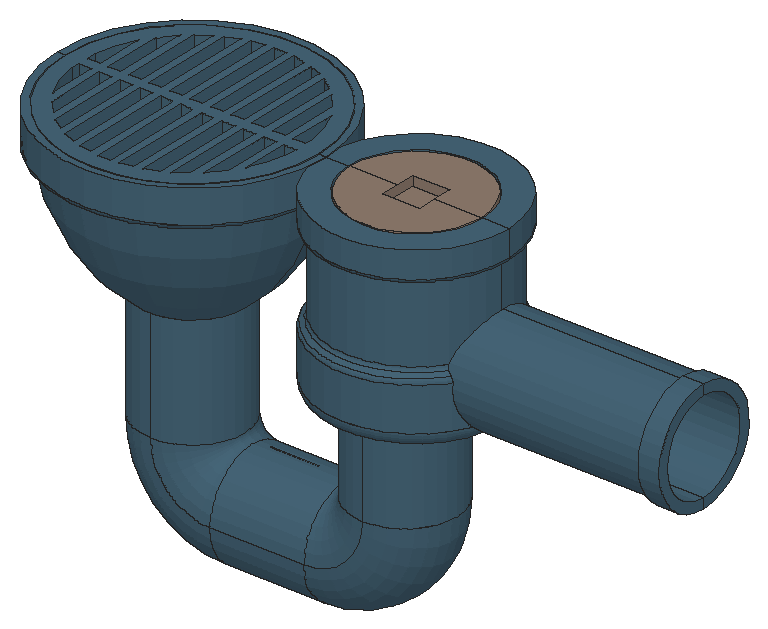
Revit family "Drain_Floor_9_Inch_Round_Top-Zurn-Z730-Medium-Duty", category Plumbing Fixtures, Revit 2022
Family settings
  Round Connector Dimension = Use Radius
  Part Type = Normal
  OmniClass Number = 23.45.55.21
  OmniClass Title = Drains (Wastes)
  Work Plane-Based = No
  Always vertical = Yes
  Cut with Voids When Loaded = No
  Maintain Annotation Orientation = No
  Shared = No
  Room Calculation Point = No
Parameters (values of type "Z730 3 Inch Spigot Outlet")
  ZN-Top = no
  ZN Top = 0.000"
  Waste Connection = 1 = 1  # yes
  WFU = 0  # constant formula
  Vent Connection = 1 = 0  # no
  URL = "www.zurn.com"
  Type Comments = ""
  Trap Primer = 1 = 1  # yes
  Plug Material = Bronze - Zurn - Polished
  NPT Radius = 2.250"
  Grate Open Area (Sq. In) = "23"
  Grate Material = Iron - Zurn - Cast - Painted - Blue
  Product data url = "https://www.bimobject.com/en-in/zurnindustries/product/zurn-z730"
  Product Page URL = "https://www.zurn.com/products/drainage-interceptors/floor-drains/integral-trap-drains/z730"
  Product Installation Sheet URL = "https://files.zurn.com/care-cleaning-install-warranty-sheets/fd23-(1).pdf"
  Product Documentation Link = "https://files.zurn.com/spec-sheets/z730.pdf"
  E_ Body Height (Actual) = E_ Body Height + ZN Top  # 13.000"
  Dim - T = 4.000"
  Dim - M (Actual) = [Dim - M] + ZN Top  # 4.250"
  Dim - M = 4.250"
  Dim - H = 7.500"
  Dim - G = 17.125"
  Dim - D = 3.125"
  Connector Radius = [A_ Pipe Size (Nominal)] / 2  # 1.500"
  Model = "Z730"
  Main Material = Iron - Zurn - Cast - Painted - Blue
  HWFU = 0  # constant formula
  HW Connection = 1 = 0  # no
  Description = "9 [229] TOP MEDIUM-DUTY DRAIN"  # constant formula
  CWFU = 0  # constant formula
  CW Connection = 1 = 0  # no
  Assembly Code = "D2030300"
  A_ Pipe Size (Nominal) = 3.000"
  A_ Pipe Size (Actual-Outer) = 3.500"
  A_ Pipe Size (Actual-Outer Radius) = [A_ Pipe Size (Actual-Outer)] / 2  # 1.750"
  A_ Pipe Size (Actual-Inner) = 3.068"
  Modified Date = "12/22/2025"  # constant formula
  Manufacurer Brand = "Zurn"  # constant formula
  Manufacturer = "Zurn Water, LLC"  # constant formula
  E_ Body Height = 13.000"
  Default Elevation = 4.000"  # constant formula
  Date Created = "08/20/2021"  # constant formula
  Approx. Weight (Lbs) = 54.000"
Types (4): name | ZN-Top | ZN Top | NPT Radius | Grate Material | E_ Body Height (Actual) | Dim - T | Dim - M (Actual) | Dim - M | Dim - G | Dim - D | Connector Radius | Model | A_ Pipe Size (Nominal) | A_ Pipe Size (Actual-Outer) | A_ Pipe Size (Actual-Outer Radius) | A_ Pipe Size (Actual-Inner) | E_ Body Height | Approx. Weight (Lbs)
  Z730 3 Inch Spigot Outlet | no | 0.000" | 2.250" | Iron - Zurn - Cast - Painted - Blue | 13.000" | 4.000" | 4.250" | 4.250" | 17.125" | 3.125" | 1.500" | "Z730" | 3.000" | 3.500" | 1.750" | 3.068" | 13.000" | 54.000"
  Z730 4 Inch Spigot Outlet | no | 0.000" | 2.750" | Iron - Zurn - Cast - Painted - Blue | 16.000" | 5.000" | 4.750" | 4.750" | 19.375" | 3.625" | 2.000" | "Z730" | 4.000" | 4.500" | 2.250" | 4.026" | 16.000" | 79.000"
  ZN730 3 Inch Spigot Outlet | yes | 0.188" | 2.250" | Bronze - Zurn - Polished Nickel | 13.188" | 4.000" | 4.438" | 4.250" | 17.125" | 3.125" | 1.500" | "ZN730" | 3.000" | 3.500" | 1.750" | 3.068" | 13.000" | 54.000"
  ZN730 4 Inch Spigot Outlet | yes | 0.188" | 2.750" | Bronze - Zurn - Polished Nickel | 16.188" | 5.000" | 4.938" | 4.750" | 19.375" | 3.625" | 2.000" | "ZN730" | 4.000" | 4.500" | 2.250" | 4.026" | 16.000" | 79.000"
Reference planes (in)
  plane 1 "Center (Front/Back)": y = 0
  plane 2 "P": z = -5.5
  plane 3 "Center (Left/Right)": x = 0
  plane 4: y = 1.75
  plane 5: y = -1.75
  plane 6: x = -4.5
  plane 7: x = -3.9375
  plane 8: x = -4.1875
  plane 9: x = -1.534
  plane 10: x = -1.75
  plane 11: z = -0.9875
  plane 12: z = -1.2375
  plane 13 "PP": z = -4.25
  plane 14: z = -2.716
  plane 15: z = -2.5
  plane 16: z = -5.784
  plane 17: z = -6
  plane 18: z = -11.25
  plane 19: x = 7.125
  plane 20: x = 5.591
  plane 21: x = 5.375
  plane 22: x = 7.5
  plane 23: x = 9.75
  plane 24: x = 10.125
  plane 25: x = 10.375
  plane 26: x = 10.625
  plane 27: z = 0
  plane 28: z = -0.75
  plane 29: z = -1
  plane 30: x = 17.125
  plane 31: z = 0.1875
  plane 32: z = -13
  plane 33: x = 1.534
  plane 34: x = 1.75
  plane 35: x = 8.659
  plane 36: x = 8.875
  plane 37: z = -0.3125
  plane 38: y = 1.75
  plane 39: y = -1.75
  plane 40: x = -4.25
  plane 41: x = 4.25
  plane 42: y = 4.25
  plane 43: y = -4.25
  plane 44: y = 1.95
  plane 45: y = -1.90504
Forms (in)
  Revolve 1, solid, material "Iron - Zurn - Cast - Painted - Blue" <- "Main Material", detail levels fine
    sketch origin (0, 0, 0) x (1, 0, 0) y (0, 0, 1)
      loop
        line (-4.5, 0) -> (-4.5, -1.1125)
        arc (-4.5, -1.1125) -> (-4.46339, -1.20089) -> (-4.375, -1.2375) r 0.125
        line (-4.375, -1.2375) -> (-4.1875, -1.2375)
        arc (-4.1875, -1.2375) -> (-3.41484, -3.62385) -> (-1.75, -5.5) r 6.12169
        line (-1.75, -5.5) -> (-1.534, -5.5)
        arc (-1.534, -5.5) -> (-3.25333, -3.51943) -> (-3.9375, -0.9875) r 5.86506
        line (-3.9375, -0.9875) -> (-4.25, -0.9875) -> (-4.25, 0) -> (-4.5, 0)
      axis (0, 0) -> (0, -5.5)
    angle from 0 to 360
  Revolve 2, solid, material "Iron - Zurn - Cast - Painted - Blue" <- "Main Material", detail levels fine
    sketch origin (0, 0, 0) x (1, 0, 0) y (0, 0, 1)
      loop
        line (9.75, 0) -> (9.75, -0.75) -> (10.125, -0.75) -> (10.125, -3.78827)
        arc (10.125, -3.78827) -> (10.14214, -3.87446) -> (10.19097, -3.94752) r 0.22522
        line (10.19097, -3.94752) -> (10.29125, -4.04781)
        arc (10.29125, -4.04781) -> (10.35323, -4.14057) -> (10.375, -4.25) r 0.28594
        line (10.375, -4.25) -> (10.375, -5.584)
        arc (10.375, -5.584) -> (10.31642, -5.72542) -> (10.175, -5.784) r 0.2
        line (10.175, -5.784) -> (8.5, -5.784) -> (8.5, -6) -> (10.125, -6)
        arc (10.125, -6) -> (10.47855, -5.85355) -> (10.625, -5.5) r 0.5
        line (10.625, -5.5) -> (10.625, -4.04632)
        arc (10.625, -4.04632) -> (10.6088, -3.96488) -> (10.56267, -3.89584) r 0.21282
        line (10.56267, -3.89584) -> (10.43381, -3.76698)
        arc (10.43381, -3.76698) -> (10.39028, -3.70184) -> (10.375, -3.625) r 0.20079
        line (10.375, -3.625) -> (10.375, -1) -> (10.5, -1)
        arc (10.5, -1) -> (10.58839, -0.96339) -> (10.625, -0.875) r 0.125
        line (10.625, -0.875) -> (10.625, 0) -> (9.75, 0)
      axis (7.5, 0) -> (7.5, -6)
    angle from 0 to 360
  Revolve 3, solid, material "Iron - Zurn - Cast - Painted - Blue" <- "Main Material", detail levels fine
    sketch origin (0, 0, 0) x (1, 0, 0) y (0, 0, 1)
      loop
        line (7.5, -2.716) -> (17.125, -2.716) -> (17.125, -2.375) -> (16.4375, -2.375) -> (16.4375, -2.4375)
        arc (16.4375, -2.4375) -> (16.41919, -2.48169) -> (16.375, -2.5) r 0.0625
        line (16.375, -2.5) -> (7.5, -2.5) -> (7.5, -2.716)
      axis (17.125, -4.25) -> (7.5, -4.25)
    angle from 0 to 360
  Revolve 4, solid, material "Bronze - Zurn - Polished" <- "Plug Material", detail levels fine
    sketch origin (0, 0, 0) x (1, 0, 0) y (0, 0, 1)
      loop
        line (7.5, 0) -> (7.5, -0.75) -> (9.6875, -0.75) -> (9.6875, 0) -> (7.5, 0)
      axis (7.5, 0) -> (7.5, -0.75)
    angle from 0 to 360
  Extrusion 5, solid, material "Iron - Zurn - Cast - Painted - Blue" <- "Grate Material", visible <- "ZN-Top", detail levels fine
    sketch origin (0, 0, 0) x (1, 0, 0) y (0, 1, 0)
      loop
        circle (7.5, 0) r 3.125
      loop
        circle (7.5, 0) r 2.25
    from 0.1875 to 0
  Extrusion 6, solid, material "Iron - Zurn - Cast - Painted - Blue" <- "Grate Material", visible <- "ZN-Top", detail levels fine
    sketch origin (0, 0, 0) x (1, 0, 0) y (0, 1, 0)
      loop
        arc (-2.534, 3.71872) -> (0, -4.5) -> (2.534, 3.71872) r 4.5
        arc (2.534, 3.71872) -> (0, 4.5) -> (-2.534, 3.71872) r 4.5
      loop
        circle (0, 0) r 4.25
    from 0 to 0.1875
  Sweep 7, solid, material "Iron - Zurn - Cast - Painted - Blue" <- "Main Material", detail levels fine
    path origin (0, 0, 0) x (1, 0, 0) y (0, 0, 1)
      loop
        line (0, -5.5) -> (0, -9.25)
        arc (0, -9.25) -> (0.58579, -10.66421) -> (2, -11.25) r 2
        line (2, -11.25) -> (5.125, -11.25)
        arc (5.125, -11.25) -> (6.53921, -10.66421) -> (7.125, -9.25) r 2
        line (7.125, -9.25) -> (7.125, -5.784)
    profile origin (0, 0, -7.375) x (0, -1, 0) y (1, 0, 0)
      loop
        circle (0, 0) r 1.534
      loop
        circle (0, 0) r 1.75
  Extrusion 8, void
    sketch origin (0, 0, 0) x (1, 0, 0) y (0, 1, 0)
      loop
        line (6.875, 0.625) -> (6.875, -0.625) -> (8.125, -0.625) -> (8.125, 0.625) -> (6.875, 0.625)
    from -0.3125 to 0.1875
Cuts and joins
  Extrusion 8 cuts Revolve 4
Lines and regions (in)
  Masking region 1, detail levels fine
    outline origin (0, 0, 0) x (1, 0, 0) y (0, 1, 0)
      loop
        line (17.125, 1.95) -> (9.94195, 1.95)
        arc (9.94195, 1.95) -> (7.5, 3.125) -> (5.05805, 1.95) r 3.125
        line (5.05805, 1.95) -> (4.05555, 1.95)
        arc (4.05555, 1.95) -> (-4.49993, -0.02488) -> (4.07686, -1.90504) r 4.5
        line (4.07686, -1.90504) -> (5.02282, -1.90504)
        arc (5.02282, -1.90504) -> (7.5, -3.125) -> (9.97718, -1.90504) r 3.125
        line (9.97718, -1.90504) -> (17.125, -1.90504) -> (17.125, 1.95)
  model lines, detail levels coarse+medium
    curve 1: circle (0, 0, 0) r 4.5 normal (0, 0, 1)
    curve 2: circle (0, 0, 0) r 4.25 normal (0, 0, 1)
    curve 3: circle (7.5, 0, 0) r 2.25 normal (0, 0, 1)
    curve 4: line (17.125, 0, -2.5) -> (17.125, 0, -6)
    curve 5: line (17.125, 0, -4.25) -> (7.125, 0, -4.25)
    curve 6: line (7.5, 0, 0) -> (7.5, 0, -4.25)
    curve 7: line (0, 0, 0) -> (0, 0, -11.25)
    curve 8: line (7.125, 0, -4.25) -> (7.125, 0, -11.25)
    curve 9: arc (0, 0, -11.25) -> (0.51256, 0, -12.48744) -> (1.75, 0, -13) r 1.75
    curve 10: arc (7.125, 0, -11.25) -> (6.61244, 0, -12.48744) -> (5.375, 0, -13) r 1.75
    curve 11: line (1.75, 0, -13) -> (5.375, 0, -13)
    curve 12: line (-3.4, 2.55, 0) -> (-3.4, -2.55, 0)
    curve 13: line (-2.55, 3.4, 0) -> (-2.55, -3.4, 0)
    curve 14: line (-1.7, -3.89519, 0) -> (-1.7, 3.89519, 0)
    curve 15: line (-0.85, 4.16413, 0) -> (-0.85, -4.16413, 0)
    curve 16: line (0, 4.25, 0) -> (0, -4.25, 0)
    curve 17: line (0.85, -4.16413, 0) -> (0.85, 4.16413, 0)
    curve 18: line (1.7, 3.89519, 0) -> (1.7, -3.89519, 0)
    curve 19: line (2.55, 3.4, 0) -> (2.55, -3.4, 0)
    curve 20: line (3.4, 2.55, 0) -> (3.4, -2.55, 0)
    curve 21: line (-2.55, 3.4, 0) -> (2.55, 3.4, 0)
    curve 22: line (3.4, 2.55, 0) -> (-3.4, 2.55, 0)
    curve 23: line (-3.89519, 1.7, 0) -> (3.89519, 1.7, 0)
    curve 24: line (-4.16413, 0.85, 0) -> (4.16413, 0.85, 0)
    curve 25: line (-4.25, 0, 0) -> (4.25, 0, 0)
    curve 26: line (-4.16413, -0.85, 0) -> (4.16413, -0.85, 0)
    curve 27: line (-3.89519, -1.7, 0) -> (3.89519, -1.7, 0)
    curve 28: line (-3.4, -2.55, 0) -> (3.4, -2.55, 0)
    curve 29: line (-2.55, -3.4, 0) -> (2.55, -3.4, 0)
    curve 30: line (17.125, 1.75, -4.25) -> (17.125, -1.75, -4.25)
    curve 31: arc (4.44896, 0.67585, 0) -> (10.625, 0, 0) -> (4.44896, -0.67585, 0) r 3.125
Dimensions and locks (in)
  level to plane 2 "P" = 5.500"
  "A_ Pipe Size (Actual-Outer)": plane 4 to plane 5
  equal spacing: plane 4, plane 1 "Center (Front/Back)", plane 5
  locked: plane 3 "Center (Left/Right)" to plane 6 at 4.5
  locked: plane 8 to plane 6 at 0.3125
  locked: plane 7 to plane 8 at 0.25
  locked: level to plane 2 "P" at 5.5
  "Dim - M (Actual)": level to plane 13 "PP"
  equal spacing: plane 14, plane 13 "PP", plane 16
  "A_ Pipe Size (Actual-Inner)": plane 14 to plane 16
  equal spacing: plane 15, plane 13 "PP", plane 17
  "A_ Pipe Size (Actual-Outer)": plane 15 to plane 17
  locked: plane 19 to plane 3 "Center (Left/Right)" at 7.125
  "Dim - H": plane 22 to plane 3 "Center (Left/Right)"
  "Dim - D": plane 26 to plane 22
  locked: plane 26 to plane 25 at 0.25
  locked: plane 25 to plane 24 at 0.25
  "NPT Radius": plane 23 to plane 22
  locked: Revolve 2 sketch curve to plane 13 "PP" at 0.625
  locked: Revolve 2 sketch curve to Revolve 2 sketch curve at 1
  locked: plane 27 to plane 28 at 0.75
  locked: plane 27 to plane 29 at 1
  "Dim - G": plane 30 to plane 3 "Center (Left/Right)"
  Revolve 3 sketch curve to Revolve 3 sketch curve = 0.125"
  locked: plane 30 to Revolve 3 sketch curve at 0.6875
  locked: Revolve 4 sketch curve to plane 23 at 0.0625
  "Dim - M": plane 27 to plane 13 "PP"
  locked: plane 11 to plane 12 at 0.25
  locked: plane 27 to plane 11 at 0.9875
  locked: plane 31 to plane 27 at 0.1875
  "E_ Body Height (Actual)": level to plane 32
  equal spacing: plane 9, plane 3 "Center (Left/Right)", plane 33
  "A_ Pipe Size (Actual-Inner)": plane 9 to plane 33
  equal spacing: plane 34, plane 3 "Center (Left/Right)", plane 10
  "A_ Pipe Size (Actual-Outer)": plane 34 to plane 10
  equal spacing: plane 35, plane 19, plane 20
  "A_ Pipe Size (Actual-Inner)": plane 35 to plane 20
  equal spacing: plane 21, plane 19, plane 36
  "A_ Pipe Size (Actual-Outer)": plane 21 to plane 36
  Extrusion 8 sketch curve to plane 22 to Extrusion 8 sketch curve = 0.625" locked, 0.625" locked
  Extrusion 8 sketch curve to plane 1 "Center (Front/Back)" to Extrusion 8 sketch curve = 0.625" locked, 0.625" locked
  locked: level to plane 37 at 0.3125
  "A_ Pipe Size (Actual-Outer Radius)": plane 18 to plane 32
  equal spacing: plane 39, plane 1 "Center (Front/Back)", plane 38
  "A_ Pipe Size (Actual-Outer)": plane 38 to plane 39
  plane 40 to plane 3 "Center (Left/Right)" to plane 41 = 4.250" locked, 4.250" locked
  equal spacing: plane 40, curve 12, curve 13, curve 14, curve 15, curve 16, curve 17, curve 18, curve 19, curve 20, plane 41, locked at 0.85 each
  plane 43 to plane 1 "Center (Front/Back)" to plane 42 = 4.250" locked, 4.250" locked
  equal spacing: plane 42, curve 21, curve 22, curve 23, curve 24, curve 25, curve 26, curve 27, curve 28, curve 29, plane 43, locked at 0.85 each
  plane 44 to plane 38 = 0.200"
  plane 39 to plane 45 = 0.15504"
  "A_ Pipe Size (Actual-Inner)": diameter of Sweep 7 sketch curve
  "A_ Pipe Size (Actual-Outer)": diameter of Sweep 7 sketch curve
  diameter of curve 2 = 8.500"
  "NPT Radius": radius of curve 3
  "Dim - D": radius of curve 31
  diameter of curve 1 = 9.000"
  locked: plane 26 to Revolve 2 sketch curve (angle 45.00°)
  angle plane 25 to Revolve 2 sketch curve = 45.00°
  aligned and locked: level to Revolve 1 sketch curve
  aligned and locked: Revolve 1 sketch curve to plane 3 "Center (Left/Right)"
  aligned and locked: Revolve 1 sketch curve to plane 6
  aligned and locked: plane 7 to Revolve 1 sketch curve
  aligned and locked: Revolve 1 sketch curve to plane 12
  aligned and locked: plane 8 to Revolve 1 sketch curve
  aligned and locked: plane 10 to Revolve 1 sketch curve
  aligned and locked: plane 9 to Revolve 1 sketch curve
  aligned and locked: Revolve 1 sketch curve to plane 2 "P"
  aligned and locked: level to Revolve 2 sketch curve
  aligned and locked: Revolve 2 sketch curve to plane 22
  aligned and locked: Revolve 2 sketch curve to plane 26  (x2)
  aligned and locked: plane 23 to Revolve 2 sketch curve
  aligned and locked: Revolve 2 sketch curve to plane 25  (x2)
  aligned and locked: plane 24 to Revolve 2 sketch curve
  aligned and locked: plane 13 "PP" to Revolve 2 sketch curve
  aligned and locked: Revolve 2 sketch curve to plane 29
  aligned and locked: Revolve 2 sketch curve to plane 28
  aligned and locked: plane 27 to Revolve 2 sketch curve
  aligned and locked: Revolve 3 sketch curve to plane 15
  aligned and locked: Revolve 3 sketch curve to plane 14
  aligned and locked: plane 30 to Revolve 3 sketch curve  (x2)
  aligned and locked: plane 17 to Revolve 2 sketch curve
  aligned and locked: Revolve 2 sketch curve to plane 16
  aligned and locked: Revolve 4 sketch curve to plane 22
  aligned and locked: plane 22 to Revolve 4 sketch curve
  aligned and locked: Revolve 1 sketch curve to plane 27
  aligned and locked: Extrusion 5 sketch curve to Revolve 2  (x4)
  aligned and locked: Extrusion 5 to Revolve 2
  aligned and locked: plane 31 to Extrusion 5
  aligned and locked: Extrusion 6 sketch curve to Revolve 1  (x2)
  aligned and locked: Extrusion 6 to Revolve 1
  aligned and locked: Extrusion 5 to Extrusion 6
  aligned and locked: plane 1 "Center (Front/Back)" to nested 1
  aligned and locked: plane 3 "Center (Left/Right)" to nested 1
  aligned and locked: Revolve 4 sketch curve to level
  aligned and locked: Sweep 7 sketch curve to plane 18
  aligned and locked: plane 19 to Sweep 7 sketch curve
  aligned and locked: Sweep 7 sketch curve to plane 3 "Center (Left/Right)"
  aligned and locked: plane 2 "P" to Sweep 7 sketch curve
  aligned and locked: plane 16 to Sweep 7 sketch curve
  aligned and locked: plane 3 "Center (Left/Right)" to Sweep 7 sketch curve  (x2)
  aligned and locked: plane 1 "Center (Front/Back)" to Sweep 7 sketch curve  (x2)
  aligned and locked: Revolve 3 sketch curve to plane 22
  aligned and locked: Extrusion 8 to plane 37
  aligned and locked: Extrusion 5 to Extrusion 8
  aligned and locked: Revolve 4 sketch curve to plane 28
  aligned and locked: plane 3 "Center (Left/Right)" to curve 1
  aligned and locked: plane 1 "Center (Front/Back)" to curve 1
  aligned and locked: plane 3 "Center (Left/Right)" to curve 2
  aligned and locked: plane 1 "Center (Front/Back)" to curve 2
  aligned and locked: plane 22 to curve 3
  aligned and locked: plane 1 "Center (Front/Back)" to curve 3
  aligned and locked: curve 4 to plane 15
  aligned and locked: curve 4 to plane 17
  aligned and locked: curve 4 to plane 30
  aligned and locked: plane 30 to curve 5
  aligned and locked: plane 19 to curve 5
  aligned and locked: plane 13 "PP" to curve 5
  aligned and locked: level to curve 6
  aligned and locked: curve 6 to plane 22
  aligned and locked: level to curve 7
  aligned and locked: plane 18 to curve 7
  aligned and locked: curve 7 to plane 3 "Center (Left/Right)"
  aligned and locked: plane 13 "PP" to curve 8
  aligned and locked: plane 18 to curve 8
  aligned and locked: curve 8 to curve 10
  aligned and locked: curve 7 to curve 9
  aligned and locked: plane 32 to curve 11  (x2)
  aligned and locked: plane 38 to curve 30
  aligned and locked: plane 39 to curve 30
  aligned and locked: curve 30 to plane 30
  aligned and locked: Masking region 1 sketch curve to Extrusion 5  (x2)
  aligned and locked: plane 44 to Masking region 1 sketch curve  (x2)
  aligned and locked: plane 45 to Masking region 1 sketch curve  (x2)
  aligned and locked: Masking region 1 sketch curve to plane 30
  aligned and locked: Masking region 1 sketch curve to Extrusion 6
  aligned and locked: plane 22 to curve 31
  aligned and locked: Revolve 1 sketch curve to plane 40
Automatic sketch dimensions
  Revolve 1 sketch curve to plane 11 = 0.000"
  plane 6 to Revolve 1 sketch curve = 0.125"
  plane 11 to Revolve 1 sketch curve = 0.40254"
  Revolve 1 sketch curve to Revolve 1 sketch curve = 0.02392"
  Revolve 1 sketch curve to plane 2 "P" = 6.000"
  plane 24 to Revolve 2 sketch curve = 0.000"
  Revolve 2 sketch curve to plane 24 = 0.03594"
  plane 24 to Revolve 2 sketch curve = 0.050"
  plane 13 "PP" to Revolve 2 sketch curve = 0.30248"
  plane 25 to Revolve 2 sketch curve = 0.03718"
  plane 25 to Revolve 2 sketch curve = 0.05881"
  Revolve 2 sketch curve to plane 13 "PP" = 0.49025"
  Revolve 2 sketch curve to Revolve 2 sketch curve = 0.125"
  Revolve 3 sketch curve to plane 13 "PP" = 0.000"
  Revolve 3 sketch curve to plane 23 = 0.000"
  Revolve 3 sketch curve to Revolve 3 sketch curve = 0.0625"
  plane 1 "Center (Front/Back)" to Extrusion 5 sketch curve = 0.000"  (x3)
  Extrusion 6 sketch curve to plane 1 "Center (Front/Back)" = 3.71872"  (x2)
  plane 1 "Center (Front/Back)" to Extrusion 6 sketch curve = 0.000"  (x2)
  plane 34 to Sweep 7 sketch curve = 0.250"
  Sweep 7 sketch curve to plane 20 = 0.466"
  Revolve 4 sketch curve to plane 28 = 0.000"
  Revolve 4 sketch curve to Revolve 4 sketch curve = 0.250"
  curve 3 to curve 31 = 0.000"
  Extrusion 6 sketch curve to Extrusion 6 sketch curve = 0.000"  (x2)
  Extrusion 6 sketch curve to plane 40 = 0.000"
Nested families (in)
  nested 1: "Z730-Grate" at (0, 0, 0), Grate Material <- "Grate Material", type "4SP Outlet", detail levels fine
    with Grate Material Iron - Zurn - Cast - Painted - Blue
Connectors (in)
  piping at (17.125, 0, -4.25), diameter 3, driven by "Connector Radius", driven by "Waste Connection"
    settings: on Revolve 3, index 1, connector inside diameter 24", connector length 0.000", flow factor 0, pipe flow 0 GPM, pressure drop 0.00 psi, fitting loss kfactor 0, connector angle 0.00°, fixture units 0, engagement length 0.000", angle of deflection 0.00°, flow configuration 0, flow direction 2, fitting loss method 0, system type 16, joint type 0, gender type 0, connector reference index -1, connector utility 1, adjustable connector no, is connector primary yes, connector description "Sanitary Outlet"
Definition of nested family "Z730-Grate"
  Parameters (values of type "Grate")
    Width = 9.000"  # constant formula
    Waste Connection = yes
    Vent Connection = no
    URL = "www.zurn.com"
    Type Comments = "Z730-4SP"
    Product data url = "https://www.bimobject.com/zurnindustries/product/zurn-z730"
    Product Page URL = "https://www.zurn.com/products/building-drainage/floor-drains/integral-trap-drains/z730"
    Product Documentation Link = "https://www.zurn.com/media-library/web_documents/pdfs/specsheets/58959-pdf"
    Outlet Radius = 2.000"
    Modified Date = ""
    Model = "Z730"  # constant formula
    Manufacturer = "Zurn Industries, LLC"  # constant formula
    Length = 23.813"  # constant formula
    Height = 16.000"  # constant formula
    H_Dim = 7.500"  # constant formula
    HW Connection = no
    Grate Material [instance] = none
    G_Dim = 19.375"
    Description = "9 Inch Diameter Top Medium-Duty Drain"  # constant formula
    Default Elevation = 48.000"  # constant formula
    Date Created = "August 20, 2021"  # constant formula
    CW Connection = no
    Assembly Code = "D2030300"
  Reference planes (in)
    plane 1 "Center (Front/Back)": y = 0
    plane 2: z = 0
    plane 3 "Center (Left/Right)": x = 0
    plane 4: y = 4.5
    plane 5: y = -4.5
    plane 6: z = -0.5625
    plane 7: y = 0.1875
    plane 8: x = -0.21875
    plane 9: x = 0.21875
    plane 10 ".25": x = 0.46875
    plane 11 "7/32": x = 0.90625
    plane 12: x = -0.46875
    plane 13: x = -0.90625
    plane 14: y = -0.1875
    plane 15: y = -2
    plane 16: y = 2
    plane 17: y = -2.875
    plane 18: y = 2.875
    plane 19: y = -3.47
    plane 20: y = 3.0625
    plane 21: y = 2.8125
    plane 22: y = 3.47
  Forms (in)
    Extrusion 1, solid
      sketch origin (0, 0, 0) x (1, 0, 0) y (0, 1, 0)
        loop
          line (-48, 48) -> (-48, -48) -> (48, -48) -> (48, 48) -> (-48, 48)
      from 0 to -12
    Extrusion 2, solid, material <- "Grate Material"
      sketch origin (0, 0, 0) x (1, 0, 0) y (0, 1, 0)
        loop
          circle (0, 0) r 4.25
        loop
          arc (0.21875, 3.68101) -> (0, 3.6875) -> (-0.21875, 3.68101) r 3.6875
          line (-0.21875, 3.68101) -> (-0.21875, 0.1875) -> (0.21875, 0.1875) -> (0.21875, 3.68101)
        loop
          line (0.46875, 0.1875) -> (0.90625, 0.1875) -> (0.90625, 3.5744)
          arc (0.90625, 3.5744) -> (0.68876, 3.62261) -> (0.46875, 3.65759) r 3.6875
          line (0.46875, 3.65759) -> (0.46875, 0.1875)
        loop
          line (1.15625, 0.1875) -> (1.59375, 0.1875) -> (1.59375, 3.3253)
          arc (1.59375, 3.3253) -> (1.37782, 3.42042) -> (1.15625, 3.50153) r 3.6875
          line (1.15625, 3.50153) -> (1.15625, 0.1875)
        loop
          line (1.84375, 0.1875) -> (2.28125, 0.1875) -> (2.28125, 2.89716)
          arc (2.28125, 2.89716) -> (2.06781, 3.05316) -> (1.84375, 3.19347) r 3.6875
          line (1.84375, 3.19347) -> (1.84375, 0.1875)
        loop
          line (2.53125, 0.1875) -> (2.96875, 0.1875) -> (2.96875, 2.18728)
          arc (2.96875, 2.18728) -> (2.76108, 2.4442) -> (2.53125, 2.6815) r 3.6875
          line (2.53125, 2.6815) -> (2.53125, 0.1875)
        loop
          line (3.21875, 0.1875) -> (3.65625, 0.1875) -> (3.65625, 0.47905)
          arc (3.65625, 0.47905) -> (3.50031, 1.15997) -> (3.21875, 1.79925) r 3.6875
          line (3.21875, 1.79925) -> (3.21875, 0.1875)
        loop
          line (-0.46875, 0.1875) -> (-0.46875, 3.65759)
          arc (-0.46875, 3.65759) -> (-0.68876, 3.62261) -> (-0.90625, 3.5744) r 3.6875
          line (-0.90625, 3.5744) -> (-0.90625, 0.1875) -> (-0.46875, 0.1875)
        loop
          line (-1.15625, 0.1875) -> (-1.15625, 3.50153)
          arc (-1.15625, 3.50153) -> (-1.37782, 3.42042) -> (-1.59375, 3.3253) r 3.6875
          line (-1.59375, 3.3253) -> (-1.59375, 0.1875) -> (-1.15625, 0.1875)
        loop
          line (-1.84375, 0.1875) -> (-1.84375, 3.19347)
          arc (-1.84375, 3.19347) -> (-2.06781, 3.05316) -> (-2.28125, 2.89716) r 3.6875
          line (-2.28125, 2.89716) -> (-2.28125, 0.1875) -> (-1.84375, 0.1875)
        loop
          line (-2.53125, 0.1875) -> (-2.53125, 2.6815)
          arc (-2.53125, 2.6815) -> (-2.76108, 2.4442) -> (-2.96875, 2.18728) r 3.6875
          line (-2.96875, 2.18728) -> (-2.96875, 0.1875) -> (-2.53125, 0.1875)
        loop
          line (-3.21875, 0.1875) -> (-3.21875, 1.79925)
          arc (-3.21875, 1.79925) -> (-3.50031, 1.15997) -> (-3.65625, 0.47905) r 3.6875
          line (-3.65625, 0.47905) -> (-3.65625, 0.1875) -> (-3.21875, 0.1875)
        loop
          line (0.21875, -3.68101) -> (0.21875, -0.1875) -> (-0.21875, -0.1875) -> (-0.21875, -3.68101)
          arc (-0.21875, -3.68101) -> (0, -3.6875) -> (0.21875, -3.68101) r 3.6875
        loop
          line (0.46875, -0.1875) -> (0.46875, -3.65759)
          arc (0.46875, -3.65759) -> (0.68876, -3.62261) -> (0.90625, -3.5744) r 3.6875
          line (0.90625, -3.5744) -> (0.90625, -0.1875) -> (0.46875, -0.1875)
        loop
          line (1.15625, -0.1875) -> (1.15625, -3.50153)
          arc (1.15625, -3.50153) -> (1.37782, -3.42042) -> (1.59375, -3.3253) r 3.6875
          line (1.59375, -3.3253) -> (1.59375, -0.1875) -> (1.15625, -0.1875)
        loop
          line (1.84375, -0.1875) -> (1.84375, -3.19347)
          arc (1.84375, -3.19347) -> (2.06781, -3.05316) -> (2.28125, -2.89716) r 3.6875
          line (2.28125, -2.89716) -> (2.28125, -0.1875) -> (1.84375, -0.1875)
        loop
          line (2.53125, -0.1875) -> (2.53125, -2.6815)
          arc (2.53125, -2.6815) -> (2.76108, -2.4442) -> (2.96875, -2.18728) r 3.6875
          line (2.96875, -2.18728) -> (2.96875, -0.1875) -> (2.53125, -0.1875)
        loop
          line (3.21875, -0.1875) -> (3.21875, -1.79925)
          arc (3.21875, -1.79925) -> (3.50031, -1.15997) -> (3.65625, -0.47905) r 3.6875
          line (3.65625, -0.47905) -> (3.65625, -0.1875) -> (3.21875, -0.1875)
        loop
          line (-0.46875, -0.1875) -> (-0.90625, -0.1875) -> (-0.90625, -3.5744)
          arc (-0.90625, -3.5744) -> (-0.68876, -3.62261) -> (-0.46875, -3.65759) r 3.6875
          line (-0.46875, -3.65759) -> (-0.46875, -0.1875)
        loop
          line (-1.15625, -0.1875) -> (-1.59375, -0.1875) -> (-1.59375, -3.3253)
          arc (-1.59375, -3.3253) -> (-1.37782, -3.42042) -> (-1.15625, -3.50153) r 3.6875
          line (-1.15625, -3.50153) -> (-1.15625, -0.1875)
        loop
          line (-1.84375, -0.1875) -> (-2.28125, -0.1875) -> (-2.28125, -2.89716)
          arc (-2.28125, -2.89716) -> (-2.06781, -3.05316) -> (-1.84375, -3.19347) r 3.6875
          line (-1.84375, -3.19347) -> (-1.84375, -0.1875)
        loop
          line (-2.53125, -0.1875) -> (-2.96875, -0.1875) -> (-2.96875, -2.18728)
          arc (-2.96875, -2.18728) -> (-2.76108, -2.4442) -> (-2.53125, -2.6815) r 3.6875
          line (-2.53125, -2.6815) -> (-2.53125, -0.1875)
        loop
          line (-3.21875, -0.1875) -> (-3.65625, -0.1875) -> (-3.65625, -0.47905)
          arc (-3.65625, -0.47905) -> (-3.50031, -1.15997) -> (-3.21875, -1.79925) r 3.6875
          line (-3.21875, -1.79925) -> (-3.21875, -0.1875)
      from 0 to -0.5625
  Lines and regions (in)
    symbolic lines
      curve 1: line (-2.25957, 0, -0.87452) -> (-2.25, 0, -0.87452)
    symbolic lines, detail levels fine
      curve 2: circle (0, 0, 0) r 4.25 normal (0, 0, 1)
  Dimensions and locks (in)
    equal spacing: plane 4, plane 1 "Center (Front/Back)", plane 5  (x2)
    "Width": plane 4 to plane 5  (x2)
    locked: plane 1 "Center (Front/Back)" to plane 7 at 0.1875
    plane 8 to plane 3 "Center (Left/Right)" to plane 9 = 0.21875" locked, 0.21875" locked
    plane 9 to plane 10 ".25" = 0.250"
    locked: plane 2 to plane 6 at 0.5625
    locked: plane 1 "Center (Front/Back)" to plane 21 at 2.8125
    aligned and locked: plane 2 to Extrusion 1
    aligned and locked: level to Extrusion 1
    aligned and locked: plane 3 "Center (Left/Right)" to Extrusion 2 sketch curve  (x2)
    aligned and locked: plane 1 "Center (Front/Back)" to Extrusion 2 sketch curve  (x2)
    aligned and locked: Extrusion 2 to plane 2
    aligned and locked: Extrusion 2 to plane 6
    aligned and locked: plane 7 to Extrusion 2 sketch curve  (x2)
    aligned and locked: Extrusion 2 sketch curve to plane 10 ".25"
    aligned and locked: Extrusion 2 sketch curve to plane 11 "7/32"
    aligned and locked: Extrusion 2 sketch curve to plane 12
    aligned and locked: plane 13 to Extrusion 2 sketch curve
    aligned and locked: Extrusion 2 sketch curve to plane 14  (x2)
  Automatic sketch dimensions
    Extrusion 1 sketch curve to Extrusion 1 sketch curve = 96.000"  (x2)
    Extrusion 2 sketch curve to Extrusion 2 sketch curve = 0.000"  (x48)
    Extrusion 2 sketch curve to plane 7 = 0.000"  (x9)
    plane 14 to Extrusion 2 sketch curve = 0.000"  (x9)
    Extrusion 2 sketch curve to plane 13 = 0.000"
    Extrusion 2 sketch curve to plane 12 = 0.000"
    Extrusion 2 sketch curve to plane 8 = 0.000"  (x2)
    Extrusion 2 sketch curve to plane 9 = 0.000"  (x2)
    Extrusion 2 sketch curve to plane 10 ".25" = 0.000"
    Extrusion 2 sketch curve to plane 11 "7/32" = 0.000"
    plane 13 to Extrusion 2 sketch curve = 0.250"  (x2)
    Extrusion 2 sketch curve to Extrusion 2 sketch curve = 0.250"  (x11)
    Extrusion 2 sketch curve to Extrusion 2 sketch curve = 0.4375"  (x9)
    plane 7 to Extrusion 2 sketch curve = 0.29155"
    plane 11 "7/32" to Extrusion 2 sketch curve = 0.250"  (x2)
    plane 14 to Extrusion 2 sketch curve = 0.29155"  (x2)
    Extrusion 2 sketch curve to Extrusion 2 sketch curve = 0.38803"  (x4)
    Extrusion 2 sketch curve to Extrusion 2 sketch curve = 0.21567"  (x4)
    Extrusion 2 sketch curve to Extrusion 2 sketch curve = 0.13183"  (x4)
    Extrusion 2 sketch curve to Extrusion 2 sketch curve = 0.07287"  (x4)
    Extrusion 2 sketch curve to Extrusion 2 sketch curve = 0.02342"  (x2)
    Extrusion 2 sketch curve to Extrusion 2 sketch curve = 0.29155"
    plane 21 to Extrusion 2 sketch curve = 0.131"
    Extrusion 2 sketch curve to plane 18 = 0.02216"
    curve 1 to curve 1 = 0.00957"
    plane 1 "Center (Front/Back)" to curve 2 = 0.000"
    curve 2 to plane 3 "Center (Left/Right)" = 0.000"
    curve 1 to plane 6 = 0.31202"
    curve 1 to plane 3 "Center (Left/Right)" = 2.250"
    radius of Extrusion 2 sketch curve = 4.250"
    radius of curve 2 = 4.250"
